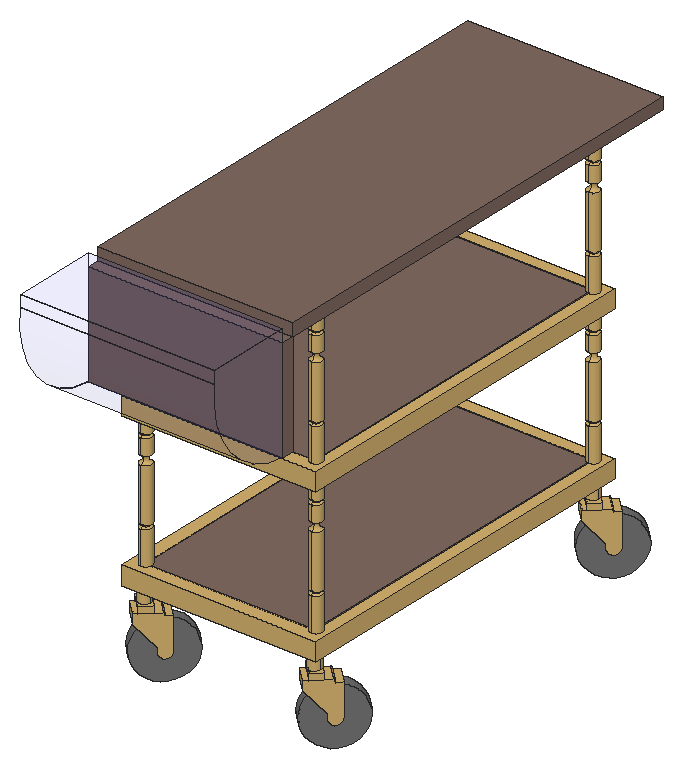
Revit family "QF_Vollrath_97035", category Specialty Equipment, Revit 2016
Family settings
  Part Type = Normal
  Round Connector Dimension = Use Diameter
  OmniClass Number = 23.40.40.14.17
  OmniClass Title = Food Cooking Equipment
  Work Plane-Based = No
  Always vertical = Yes
  Cut with Voids When Loaded = No
  Shared = No
  Room Calculation Point = No
Parameters (values of type "97035")
  Width [instance] = 16.00"
  Weight in Pounds = 69
  Watermarked By = "http://revitwatermark.com"
  URL Cutsheet = ""
  URL = ""
  Status [instance] = ""
  Specification by User [instance] = ""
  Specification by Manufacturer [instance] = ""
  Serial Number [instance] = ""
  Seismic Rating [instance] = ""
  Revision Code [instance] = ""
  NAFEM Spec ID Number [instance] = ""
  Model = "97035"
  Masterspec = ""
  Manufacturer = "Vollrath"
  Item Number [instance] = "-"
  Installed By [instance] = ""
  Identify Quantity as Lot [instance] = no
  Furnished By [instance] = ""
  Foodservice Equipment Identifier [instance] = yes
  Description = "Cart, Dessert"
  Depth [instance] = 39.25"
  CSI MasterFormat = "11 48 13"
  Assembly Code = "E1090320"
Reference planes (in)
  plane 1: z = 0
  plane 2 "LEFT": x = 0
  plane 3 "RIGHT": x = 16
  plane 4 "-": y = -42.15217
  plane 5: z = 33
  plane 6 "BACK": y = -3.15217
  plane 7 "FRONT": y = -49.15217
  plane 8: y = -8.05217
  plane 9: y = -43.15217
  plane 10: z = 7
  plane 11: z = 8.5
  plane 12: z = 19.5
  plane 13: z = 21
  plane 14: z = 32
  plane 15: y = -41.15217
  plane 16: y = -34.15193
  plane 17: y = -9.57131
  plane 18: y = -8.57131
  plane 19: y = -37.65205
  plane 20: y = -9.07131
  plane 21: y = -37.57131
  plane 22: z = 29.5
Forms (in)
  Extrusion 1, solid, material "QF_Finishes_Brass"
    sketch origin (0, 0, 16.75) x (-1, 0, 0) y (0, -1, 0)
      loop
        line (0, 8.05217) -> (0, 38.74882) -> (-16, 38.74882) -> (-16, 8.05217) -> (0, 8.05217)
      loop
        line (-1, 9.05217) -> (-1, 37.65205) -> (-15, 37.65205) -> (-15, 9.05217) -> (-1, 9.05217)
    from -9.75 to -8.25
  Extrusion 2, solid, material "QF_Finishes_Brass"
    sketch origin (0, 0, 30.75) x (-1, 0, 0) y (0, -1, 0)
      loop
        line (0, 8.05217) -> (0, 38.74882) -> (-16, 38.74882) -> (-16, 8.05217) -> (0, 8.05217)
      loop
        line (-1, 9.05217) -> (-1, 37.65205) -> (-15, 37.65205) -> (-15, 9.05217) -> (-1, 9.05217)
    from -11.25 to -9.75
  Extrusion 3, solid, material "QF_Finishes_Wood"
    sketch origin (0, 0, 16.75) x (-1, 0, 0) y (0, -1, 0)
      loop
        line (-1, 37.65205) -> (-15, 37.65205) -> (-15, 9.05217) -> (-1, 9.05217) -> (-1, 37.65205)
    from 2.75 to 4.25
  Extrusion 4, solid, material "QF_Finishes_Wood"
    sketch origin (0, 0, 16.75) x (-1, 0, 0) y (0, -1, 0)
      loop
        line (-1, 9.05217) -> (-1, 37.65205) -> (-15, 37.65205) -> (-15, 9.05217) -> (-1, 9.05217)
    from -9.75 to -8.25
  Extrusion 5, solid, material "QF_Finishes_Wood"
    sketch origin (0, 0, 16.75) x (-1, 0, 0) y (0, -1, 0)
      loop
        line (0, 3.15217) -> (0, 41.15217) -> (-16, 41.15217) -> (-16, 3.15217) -> (0, 3.15217)
    from 15.25 to 16.25
  Extrusion 6, solid, material "QF_Finishes_Brass"
    sketch origin (0, 0, 16.75) x (-1, 0, 0) y (0, -1, 0)
      loop
        circle (-1, 37.65205) r 0.5
      loop
        circle (-15, 37.65205) r 0.52501
      loop
        circle (-1, 9.05217) r 0.5
      loop
        circle (-15, 9.05217) r 0.5
    from -10.95 to -9.75
  Revolve 7, solid, material "QF_Finishes_Brass"
    sketch origin (15.03829, 0, 0) x (0, 1, 0) y (0, 0, 1)
      loop
        line (-9.05217, 8.5) -> (-8.57131, 8.5) -> (-8.57131, 11.18728) -> (-8.74809, 11.36406) -> (-8.57131, 11.54084) -> (-8.57131, 15.89645)
        arc (-8.57131, 15.89645) -> (-8.85811, 16.27145) -> (-8.57131, 16.64645) r 0.38856
        line (-8.57131, 16.64645) -> (-8.57131, 17.89645) -> (-8.74809, 18.07322) -> (-8.57131, 18.25) -> (-8.57131, 19.5) -> (-9.05217, 19.5) -> (-9.05217, 8.5)
      axis (-9.05217, 8.5) -> (-9.05217, 19.5)
    angle from 0 to 360
  Revolve 8, solid, material "QF_Finishes_Brass"
    sketch origin (15.03829, 0, 12.5) x (0, 1, 0) y (0, 0, 1)
      loop
        line (-9.05217, 8.5) -> (-8.57131, 8.5) -> (-8.57131, 11.18728) -> (-8.74809, 11.36406) -> (-8.57131, 11.54084) -> (-8.57131, 15.89645)
        arc (-8.57131, 15.89645) -> (-8.85811, 16.27145) -> (-8.57131, 16.64645) r 0.38856
        line (-8.57131, 16.64645) -> (-8.57131, 17.89645) -> (-8.74809, 18.07322) -> (-8.57131, 18.25) -> (-8.57131, 19.48536) -> (-9.05217, 19.48536) -> (-9.05217, 8.5)
      axis (-9.05217, 8.5) -> (-9.05217, 19.48536)
    angle from 0 to 360
  Revolve 9, solid, material "QF_Finishes_Brass"
    sketch origin (1.03829, 0, 0) x (0, 1, 0) y (0, 0, 1)
      loop
        line (-9.05217, 8.5) -> (-8.57131, 8.5) -> (-8.57131, 11.18728) -> (-8.74809, 11.36406) -> (-8.57131, 11.54084) -> (-8.57131, 15.89645)
        arc (-8.57131, 15.89645) -> (-8.85811, 16.27145) -> (-8.57131, 16.64645) r 0.38856
        line (-8.57131, 16.64645) -> (-8.57131, 17.89645) -> (-8.74809, 18.07322) -> (-8.57131, 18.25) -> (-8.57131, 19.5) -> (-9.05217, 19.5) -> (-9.05217, 8.5)
      axis (-9.05217, 8.5) -> (-9.05217, 19.5)
    angle from 0 to 360
  Revolve 10, solid, material "QF_Finishes_Brass"
    sketch origin (1.03829, 0, 12.5) x (0, 1, 0) y (0, 0, 1)
      loop
        line (-9.05217, 8.5) -> (-8.57131, 8.5) -> (-8.57131, 11.18728) -> (-8.74809, 11.36406) -> (-8.57131, 11.54084) -> (-8.57131, 15.89645)
        arc (-8.57131, 15.89645) -> (-8.85811, 16.27145) -> (-8.57131, 16.64645) r 0.38856
        line (-8.57131, 16.64645) -> (-8.57131, 17.89645) -> (-8.74809, 18.07322) -> (-8.57131, 18.25) -> (-8.57131, 19.48536) -> (-9.05217, 19.48536) -> (-9.05217, 8.5)
      axis (-9.05217, 8.5) -> (-9.05217, 19.48536)
    angle from 0 to 360
  Extrusion 11, solid, material "QF_Finishes_Wood"
    sketch origin (0, 0, 10.75) x (-1, 0, 0) y (0, -1, 0)
      loop
        line (0, 41.15217) -> (0, 42.15217) -> (-16, 42.15217) -> (-16, 41.15217) -> (0, 41.15217)
    from 12.75 to 21.25
  Revolve 12, solid, material "QF_Finishes_Brass"
    sketch origin (15.03829, -28.50012, 0) x (0, 1, 0) y (0, 0, 1)
      loop
        line (-9.05217, 8.5) -> (-8.57131, 8.5) -> (-8.57131, 11.18728) -> (-8.74809, 11.36406) -> (-8.57131, 11.54084) -> (-8.57131, 15.89645)
        arc (-8.57131, 15.89645) -> (-8.85811, 16.27145) -> (-8.57131, 16.64645) r 0.38856
        line (-8.57131, 16.64645) -> (-8.57131, 17.89645) -> (-8.74809, 18.07322) -> (-8.57131, 18.25) -> (-8.57131, 19.5) -> (-9.05217, 19.5) -> (-9.05217, 8.5)
      axis (-9.05217, 8.5) -> (-9.05217, 19.5)
    angle from 0 to 360
  Revolve 13, solid, material "QF_Finishes_Brass"
    sketch origin (15.03829, -28.50012, 12.5) x (0, 1, 0) y (0, 0, 1)
      loop
        line (-9.05217, 8.5) -> (-8.57131, 8.5) -> (-8.57131, 11.18728) -> (-8.74809, 11.36406) -> (-8.57131, 11.54084) -> (-8.57131, 15.89645)
        arc (-8.57131, 15.89645) -> (-8.85811, 16.27145) -> (-8.57131, 16.64645) r 0.38856
        line (-8.57131, 16.64645) -> (-8.57131, 17.89645) -> (-8.74809, 18.07322) -> (-8.57131, 18.25) -> (-8.57131, 19.48536) -> (-9.05217, 19.48536) -> (-9.05217, 8.5)
      axis (-9.05217, 8.5) -> (-9.05217, 19.48536)
    angle from 0 to 360
  Revolve 14, solid, material "QF_Finishes_Brass"
    sketch origin (1.03829, -28.50012, 0) x (0, 1, 0) y (0, 0, 1)
      loop
        line (-9.05217, 8.5) -> (-8.57131, 8.5) -> (-8.57131, 11.18728) -> (-8.74809, 11.36406) -> (-8.57131, 11.54084) -> (-8.57131, 15.89645)
        arc (-8.57131, 15.89645) -> (-8.85811, 16.27145) -> (-8.57131, 16.64645) r 0.38856
        line (-8.57131, 16.64645) -> (-8.57131, 17.89645) -> (-8.74809, 18.07322) -> (-8.57131, 18.25) -> (-8.57131, 19.5) -> (-9.05217, 19.5) -> (-9.05217, 8.5)
      axis (-9.05217, 8.5) -> (-9.05217, 19.5)
    angle from 0 to 360
  Revolve 15, solid, material "QF_Finishes_Brass"
    sketch origin (1.03829, -28.50012, 12.5) x (0, 1, 0) y (0, 0, 1)
      loop
        line (-9.05217, 8.5) -> (-8.57131, 8.5) -> (-8.57131, 11.18728) -> (-8.74809, 11.36406) -> (-8.57131, 11.54084) -> (-8.57131, 15.89645)
        arc (-8.57131, 15.89645) -> (-8.85811, 16.27145) -> (-8.57131, 16.64645) r 0.38856
        line (-8.57131, 16.64645) -> (-8.57131, 17.89645) -> (-8.74809, 18.07322) -> (-8.57131, 18.25) -> (-8.57131, 19.48536) -> (-9.05217, 19.48536) -> (-9.05217, 8.5)
      axis (-9.05217, 8.5) -> (-9.05217, 19.48536)
    angle from 0 to 360
  Extrusion 16, solid, material "QF_Finishes_Clearances"
    sketch origin (0, 0, 0) x (0, 1, 0) y (0, 0, 1)
      loop
        line (-42.15217, 23.5) -> (-42.15217, 33) -> (-49.15217, 33) -> (-49.15217, 32)
        arc (-49.15217, 32) -> (-47.5042, 26.22479) -> (-42.15217, 23.5) r 7.51675
    from 0 to 16
Lines and regions (in)
  symbolic lines
    curve 1: line (16, -3.15217, 16.75) -> (0, -3.15217, 16.75)
    curve 2: line (0, -3.15217, 16.75) -> (0, -41.15217, 16.75)
    curve 3: line (16, -41.15217, 16.75) -> (16, -3.15217, 16.75)
    curve 4: line (16, -49.15217, 16.75) -> (16, -42.15217, 16.75)
    curve 5: line (16, -42.15217, 16.75) -> (16, -41.15217, 16.75)
    curve 6: line (0, -41.15217, 16.75) -> (16, -41.15217, 16.75)
    curve 7: line (16, -42.15217, 16.75) -> (0, -42.15217, 16.75)
    curve 8: line (0, -41.15217, 16.75) -> (0, -42.15217, 16.75)
    curve 9: line (0, -42.15217, 16.75) -> (0, -49.15217, 16.75)
    curve 10: line (0, -49.15217, 16.75) -> (16, -49.15217, 16.75)
Dimensions and locks (in)
  "Width": plane 2 "LEFT" to plane 3 "RIGHT"
  plane 5 to level = 33.00"
  plane 4 "-" to plane 6 "BACK" = 39.00"  (x2)
  plane 4 "-" to nested 4 = 4.50012"
  plane 4 "-" to nested 3 = 4.50012"
  nested 2 to plane 3 "RIGHT" = 1.00"
  locked: nested 3 to plane 3 "RIGHT" at 1
  plane 4 "-" to plane 8 = 34.10"
  plane 7 "FRONT" to plane 6 "BACK" = 46.00"
  nested 2 to plane 8 = 1.00"
  nested 1 to plane 8 = 1.00"
  equal spacing: plane 18, plane 20, plane 17
  equal spacing: plane 16, plane 19, plane 15
  locked: plane 5 to plane 14 at 1
  aligned and locked: level to plane 1
  aligned and locked: plane 5 to Extrusion 5
Automatic sketch dimensions
  Extrusion 1 sketch curve to plane 3 "RIGHT" = 0.00"
  plane 19 to Extrusion 1 sketch curve = 0.00"
  Extrusion 1 sketch curve to plane 2 "LEFT" = 0.00"
  plane 8 to Extrusion 1 sketch curve = 0.00"
  Extrusion 1 sketch curve to plane 3 "RIGHT" = 1.00"
  Extrusion 1 sketch curve to plane 20 = 0.01915"
  plane 2 "LEFT" to Extrusion 1 sketch curve = 1.00"
  plane 19 to Extrusion 1 sketch curve = 1.09677"
  Extrusion 2 sketch curve to plane 3 "RIGHT" = 0.00"
  plane 19 to Extrusion 2 sketch curve = 0.00"
  Extrusion 2 sketch curve to plane 2 "LEFT" = 0.00"
  plane 8 to Extrusion 2 sketch curve = 0.00"
  Extrusion 2 sketch curve to plane 3 "RIGHT" = 1.00"
  Extrusion 2 sketch curve to plane 20 = 0.01915"
  plane 2 "LEFT" to Extrusion 2 sketch curve = 1.00"
  plane 19 to Extrusion 2 sketch curve = 1.09677"
  plane 19 to Extrusion 3 sketch curve = 0.00"
  Extrusion 3 sketch curve to plane 3 "RIGHT" = 1.00"
  Extrusion 3 sketch curve to plane 20 = 0.01915"
  plane 2 "LEFT" to Extrusion 3 sketch curve = 1.00"
  plane 19 to Extrusion 4 sketch curve = 0.00"
  Extrusion 4 sketch curve to plane 20 = 0.01915"
  Extrusion 4 sketch curve to plane 3 "RIGHT" = 1.00"
  plane 2 "LEFT" to Extrusion 4 sketch curve = 1.00"
  Extrusion 5 sketch curve to plane 3 "RIGHT" = 0.00"
  Extrusion 5 sketch curve to plane 2 "LEFT" = 0.00"
  plane 6 "BACK" to Extrusion 5 sketch curve = 0.00"
  plane 15 to Extrusion 5 sketch curve = 0.00"
  plane 19 to Extrusion 6 sketch curve = 0.00"  (x2)
  Extrusion 6 sketch curve to plane 3 "RIGHT" = 1.00"  (x2)
  Extrusion 6 sketch curve to plane 20 = 0.01915"  (x2)
  plane 2 "LEFT" to Extrusion 6 sketch curve = 1.00"  (x2)
  plane 11 to Revolve 7 sketch curve = 0.00"
  plane 12 to Revolve 7 sketch curve = 0.00"
  Revolve 7 sketch curve to plane 18 = 0.00"  (x4)
  plane 18 to Revolve 7 sketch curve = 0.17678"  (x2)
  Revolve 7 sketch curve to plane 20 = 0.01915"  (x2)
  Revolve 7 sketch curve to plane 18 = 0.10176"
  Revolve 7 sketch curve to plane 10 = 0.50"
  Revolve 7 sketch curve to plane 11 = 2.68728"
  Revolve 7 sketch curve to Revolve 7 sketch curve = 0.17678"  (x2)
  Revolve 7 sketch curve to Revolve 7 sketch curve = 3.60355"
  Revolve 7 sketch curve to Revolve 7 sketch curve = 0.375"
  Revolve 7 sketch curve to Revolve 7 sketch curve = 1.25"
  Revolve 7 sketch curve to plane 13 = 1.25"
  plane 13 to Revolve 8 sketch curve = 0.00"
  Revolve 8 sketch curve to plane 18 = 0.00"  (x4)
  plane 18 to Revolve 8 sketch curve = 0.17678"  (x2)
  Revolve 8 sketch curve to plane 20 = 0.01915"  (x2)
  Revolve 8 sketch curve to plane 18 = 0.10176"
  Revolve 8 sketch curve to plane 12 = 0.50"
  Revolve 8 sketch curve to plane 13 = 2.68728"
  Revolve 8 sketch curve to Revolve 8 sketch curve = 0.17678"  (x2)
  Revolve 8 sketch curve to Revolve 8 sketch curve = 4.35561"
  Revolve 8 sketch curve to Revolve 8 sketch curve = 0.375"
  Revolve 8 sketch curve to Revolve 8 sketch curve = 1.25"
  Revolve 8 sketch curve to plane 14 = 3.25"
  Revolve 8 sketch curve to plane 14 = 0.01464"
  plane 11 to Revolve 9 sketch curve = 0.00"
  plane 12 to Revolve 9 sketch curve = 0.00"
  Revolve 9 sketch curve to plane 18 = 0.00"  (x4)
  plane 18 to Revolve 9 sketch curve = 0.17678"  (x2)
  Revolve 9 sketch curve to plane 20 = 0.01915"  (x2)
  Revolve 9 sketch curve to plane 18 = 0.10176"
  Revolve 9 sketch curve to plane 10 = 0.50"
  Revolve 9 sketch curve to Revolve 9 sketch curve = 2.68728"
  Revolve 9 sketch curve to Revolve 9 sketch curve = 0.17678"  (x2)
  plane 12 to Revolve 9 sketch curve = 3.60355"
  Revolve 9 sketch curve to Revolve 9 sketch curve = 0.375"
  Revolve 9 sketch curve to Revolve 9 sketch curve = 1.25"
  Revolve 9 sketch curve to plane 13 = 1.25"
  plane 13 to Revolve 10 sketch curve = 0.00"
  Revolve 10 sketch curve to plane 18 = 0.00"  (x4)
  plane 18 to Revolve 10 sketch curve = 0.17678"  (x2)
  Revolve 10 sketch curve to plane 20 = 0.01915"  (x2)
  Revolve 10 sketch curve to plane 18 = 0.10176"
  Revolve 10 sketch curve to plane 12 = 0.50"
  Revolve 10 sketch curve to Revolve 10 sketch curve = 2.68728"
  Revolve 10 sketch curve to Revolve 10 sketch curve = 0.17678"  (x2)
  Revolve 10 sketch curve to Revolve 10 sketch curve = 4.35561"
  Revolve 10 sketch curve to Revolve 10 sketch curve = 0.375"
  Revolve 10 sketch curve to Revolve 10 sketch curve = 1.25"
  Revolve 10 sketch curve to plane 14 = 3.25"
  Revolve 10 sketch curve to plane 14 = 0.01464"
  Extrusion 11 sketch curve to plane 3 "RIGHT" = 0.00"
  Extrusion 11 sketch curve to plane 2 "LEFT" = 0.00"
  plane 15 to Extrusion 11 sketch curve = 0.00"
  plane 4 "-" to Extrusion 11 sketch curve = 0.00"
  plane 11 to Revolve 12 sketch curve = 0.00"
  plane 12 to Revolve 12 sketch curve = 0.00"
  Revolve 12 sketch curve to plane 21 = 0.01903"  (x2)
  Revolve 12 sketch curve to plane 21 = 0.32311"  (x2)
  Revolve 12 sketch curve to Revolve 12 sketch curve = 0.17678"  (x5)
  Revolve 12 sketch curve to plane 21 = 0.49988"
  Revolve 12 sketch curve to Revolve 12 sketch curve = 0.10176"
  Revolve 12 sketch curve to plane 10 = 0.50"
  Revolve 12 sketch curve to plane 11 = 2.68728"
  Revolve 12 sketch curve to Revolve 12 sketch curve = 3.60355"
  Revolve 12 sketch curve to Revolve 12 sketch curve = 0.375"
  Revolve 12 sketch curve to Revolve 12 sketch curve = 1.25"
  Revolve 12 sketch curve to plane 13 = 1.25"
  plane 13 to Revolve 13 sketch curve = 0.00"
  Revolve 13 sketch curve to plane 21 = 0.01903"  (x2)
  Revolve 13 sketch curve to plane 21 = 0.32311"  (x2)
  Revolve 13 sketch curve to Revolve 13 sketch curve = 0.17678"  (x5)
  Revolve 13 sketch curve to plane 21 = 0.49988"
  Revolve 13 sketch curve to Revolve 13 sketch curve = 0.10176"
  Revolve 13 sketch curve to plane 12 = 0.50"
  Revolve 13 sketch curve to plane 13 = 2.68728"
  Revolve 13 sketch curve to Revolve 13 sketch curve = 4.35561"
  Revolve 13 sketch curve to Revolve 13 sketch curve = 0.375"
  Revolve 13 sketch curve to Revolve 13 sketch curve = 1.25"
  Revolve 13 sketch curve to plane 14 = 3.25"
  Revolve 13 sketch curve to plane 14 = 0.01464"
  plane 11 to Revolve 14 sketch curve = 0.00"
  plane 12 to Revolve 14 sketch curve = 0.00"
  Revolve 14 sketch curve to plane 21 = 0.01903"  (x2)
  Revolve 14 sketch curve to plane 21 = 0.32311"  (x2)
  Revolve 14 sketch curve to Revolve 14 sketch curve = 0.17678"  (x5)
  Revolve 14 sketch curve to plane 21 = 0.49988"
  Revolve 14 sketch curve to Revolve 14 sketch curve = 0.10176"
  Revolve 14 sketch curve to plane 10 = 0.50"
  Revolve 14 sketch curve to plane 11 = 2.68728"
  Revolve 14 sketch curve to Revolve 14 sketch curve = 3.60355"
  Revolve 14 sketch curve to Revolve 14 sketch curve = 0.375"
  Revolve 14 sketch curve to Revolve 14 sketch curve = 1.25"
  Revolve 14 sketch curve to plane 13 = 1.25"
  plane 13 to Revolve 15 sketch curve = 0.00"
  Revolve 15 sketch curve to plane 21 = 0.01903"  (x2)
  Revolve 15 sketch curve to plane 21 = 0.32311"  (x2)
  Revolve 15 sketch curve to Revolve 15 sketch curve = 0.17678"  (x5)
  Revolve 15 sketch curve to plane 21 = 0.49988"
  Revolve 15 sketch curve to Revolve 15 sketch curve = 0.10176"
  Revolve 15 sketch curve to plane 12 = 0.50"
  Revolve 15 sketch curve to plane 13 = 2.68728"
  Revolve 15 sketch curve to Revolve 15 sketch curve = 4.35561"
  Revolve 15 sketch curve to Revolve 15 sketch curve = 0.375"
  Revolve 15 sketch curve to Revolve 15 sketch curve = 1.25"
  Revolve 15 sketch curve to plane 14 = 3.25"
  Revolve 15 sketch curve to plane 14 = 0.01464"
  Extrusion 16 sketch curve to plane 5 = 0.00"
  Extrusion 16 sketch curve to plane 7 "FRONT" = 0.00"
  Extrusion 16 sketch curve to plane 4 "-" = 0.00"
  Extrusion 16 sketch curve to plane 14 = 0.00"
  Extrusion 16 sketch curve to plane 4 "-" = 0.45037"
  Extrusion 16 sketch curve to plane 14 = 0.99675"
  curve 1 to plane 3 "RIGHT" = 0.00"
  plane 6 "BACK" to curve 1 = 0.00"
  plane 15 to curve 2 = 0.00"
  plane 4 "-" to curve 5 = 0.00"
  curve 7 to plane 2 "LEFT" = 0.00"
  plane 7 "FRONT" to curve 9 = 0.00"
  radius of Extrusion 6 sketch curve = 0.50"  (x3)
  radius of Extrusion 6 sketch curve = 0.52501"
Nested families (in)
  nested 1: "FESCaster" at (1, -9.05217, 0), type "FESCaster"
    with Height 5.80", Caster Radius 2.40"
  nested 2: "FESCaster" at (15, -9.05217, 0), type "FESCaster"
    with Height 5.80", Caster Radius 2.40"
  nested 3: "FESCaster" at (15, -37.65205, 0), type "FESCaster"
    with Height 5.80", Caster Radius 2.40"
  nested 4: "FESCaster" at (1, -37.65205, 0), type "FESCaster"
    with Height 5.80", Caster Radius 2.40"
Definition of nested family "FESCaster"
  Parameters
    Watermarked By = "http://revitwatermark.com"
    Type Comments = "⍁⍉⌁⌀⏭⎽⌇⍠⌜⍉⎖⌥⌦⌯⍭⏊⍻⍿⍊⏵⍊⏗⏠⍴⎡⌈⎀⍠⌓⌤⏘⎐⍀⌐⏬⏁⎈⏍⏦⎒⏬⌝⍩⍇⌣〈⎫〉⎁⏊⍥⍖⍥⍝⍦⌖⍀⏌⏭⎝⎼⏷⏞⍻⏯⎽⏷⏞⍻⏯⎽⏷⎺⌻⎝⍎⌧⏷⏟⏿⌿⍜⍦⍤⌁⍬⏶⏎⍊⏚⏉⎞⌡⎀⎪⏈⌟⌿⍾⍼⌟⌿⌢⌞⏞⏝⌻⎸⎻⎷⎳⎻⎛⌞⌼⏚⍿⏸⍨⏷⍡⍺⏼⏅⎏⌽⌻⍽⎝⍮⎧⍏⏳⏲⎼⏈⏋⏙⎏⏽⏘⍹⏞⌜⏼⍴⏶⏮⏿⌁"
    Height [instance] = 6.00"
    Caster Radius [instance] = if(Height < 3.00", 1.00", (Height / 2) - 0.50")  # 2.50"
    Assembly Code = ""
  Reference planes (in)
    plane 1 "Center (Front/Back)": y = 0
    plane 2: z = 0
    plane 3 "Center (Left/Right)": x = 0
    plane 4: z = 6
    plane 5: z = 5.5
  Forms (in)
    Extrusion 1, solid
      sketch origin (-24.12131, -22.88887, 10.18833) x (0.707107, 0.707107, 0) y (0, 0, 1)
        loop
          line (34.98772, -7.68833) -> (34.98772, -4.93833) -> (34.48772, -4.93833) -> (34.39402, -4.68833) -> (32.39402, -4.68833) -> (32.39402, -5.43833) -> (33.98772, -7.34206) -> (33.98772, -7.68833)
          arc (33.98772, -7.68833) -> (34.48772, -8.18833) -> (34.98772, -7.68833) r 0.5
      from 0 to 1.75
    Extrusion 2, solid
      sketch origin (-24.32327, -23.09083, 13.31461) x (0.707107, 0.707107, 0) y (0, 0, 1)
        loop
          circle (34.77334, -10.81461) r 2.5
      from 0.375 to 1.375
    Extrusion 3, solid
      sketch origin (-7.24148, -8.48391, 0) x (0.707107, 0.707107, 0) y (0, 0, 1)
        loop
          line (10.61603, 5.5) -> (11.61603, 5.5) -> (11.61603, 6) -> (10.61603, 6) -> (10.61603, 5.5)
      from 0 to -1.75
  Lines and regions (in)
    symbolic lines
      curve 1: line (-1.26158, -0.51911, 0) -> (1.39007, 2.13254, 0)
      curve 2: line (-0.53429, -1.24639, 0) -> (2.11736, 1.40526, 0)
      curve 3: line (-1.26158, -0.51911, 0) -> (1.39007, 2.13254, 0)
      curve 4: line (-0.53429, -1.24639, 0) -> (2.11736, 1.40526, 0)
  Dimensions and locks (in)
    locked: plane 4 to plane 5 at 0.5
    "Height": plane 4 to level
    "Caster Radius": Extrusion 2 sketch curve to level
    "Caster Radius": Extrusion 1 sketch curve to level
    "Caster Radius": radius of Extrusion 2 sketch curve
    aligned and locked: plane 2 to level
    aligned and locked: Extrusion 3 to plane 5
    aligned and locked: plane 4 to Extrusion 3
    aligned and locked: plane 5 to Extrusion 1
  Automatic sketch dimensions
    plane 1 "Center (Front/Back)" to curve 3 = 0.51911"
    curve 3 to plane 3 "Center (Left/Right)" = 1.26158"
    plane 1 "Center (Front/Back)" to curve 1 = 0.51911"
    curve 1 to curve 3 = 0.00"  (x3)
    curve 4 to plane 3 "Center (Left/Right)" = 0.53429"
    curve 2 to curve 4 = 0.00"  (x2)
    plane 3 "Center (Left/Right)" to curve 3 = 1.39007"
    curve 1 to curve 4 = 0.72729"
    curve 2 to curve 1 = 0.72729"
    curve 4 to curve 2 = 0.00"  (x2)
    curve 2 to plane 1 "Center (Front/Back)" = 1.40526"
    curve 2 to curve 3 = 0.72729"
    plane 5 to Extrusion 1 sketch curve = 0.00"
    Extrusion 1 sketch curve to Extrusion 1 sketch curve = 1.5937"
    Extrusion 1 sketch curve to Extrusion 1 sketch curve = 2.00"
    Extrusion 1 sketch curve to Extrusion 1 sketch curve = 0.0937"
    Extrusion 1 sketch curve to Extrusion 1 sketch curve = 0.50"
    Extrusion 1 sketch curve to Extrusion 1 sketch curve = 0.34627"
    Extrusion 1 sketch curve to plane 5 = 0.75"
    Extrusion 1 sketch curve to plane 5 = 0.25"
    Extrusion 3 sketch curve to plane 5 = 0.00"
    plane 4 to Extrusion 3 sketch curve = 0.00"
    Extrusion 3 sketch curve to Extrusion 3 sketch curve = 1.00"
